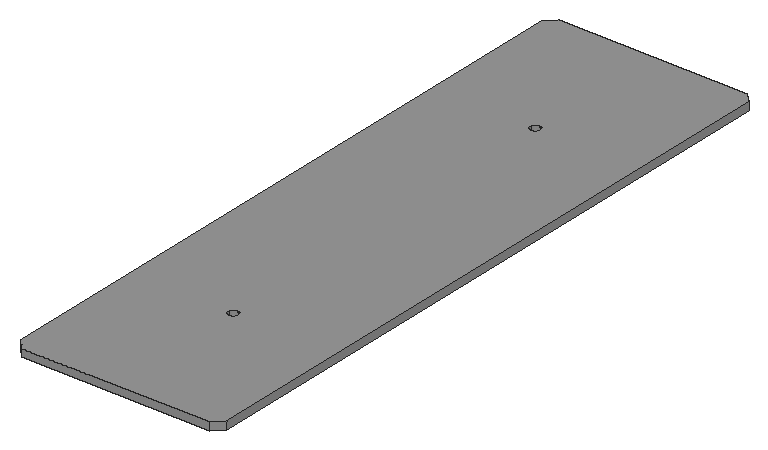
Revit family "ROTHOB_Rothoblaas_Plate_VGUPlateT", category Structural Connections, host Face, Revit 2020
Family settings
  Host = Face
  Material for Model Behavior = Steel
  OmniClass Number = 23.13.23.11.19.13
  OmniClass Title = Wood Connectors
  Enable cutting in views = Yes
  Cut with Voids When Loaded = No
  Shared = No
Parameters (values of type "VGUPLATET350_108x350mm")
  WarrantyStartDate [instance] = ""
  WarrantyGuarantorParts = "n/a"  # constant formula
  WarrantyGuarantorLabor = "n/a"  # constant formula
  WarrantyDurationUnit = "n/a"  # constant formula
  WarrantyDurationParts = "n/a"  # constant formula
  WarrantyDurationLabor = "n/a"  # constant formula
  WarrantyDescription = "n/a"  # constant formula
  Version = "2"  # constant formula
  UniClass2015Version = "Products v1.33"  # constant formula
  UniClass2015Title = "Carbon steel nailing plates"  # constant formula
  UniClass2015Code = "Pr_20_29_31_12"  # constant formula
  Tipo IFC predefinito = "USERDEFINED"  # constant formula
  Thickness_s = if(ModelNumberCode = 185, 3.00 mm, if(ModelNumberCode = 350, 4.00 mm, 0.00 mm))  # 4.00 mm
  SustainabilityPerformance = "n/a"  # constant formula
  Size_Imperial = "4 1/4x13 3/4 in"
  Size = "108x350 mm"
  Shape = "Two-dimensional "  # constant formula
  Revision = "1"  # constant formula
  ReplacementCost = "n/a"  # constant formula
  InstallationDate [instance] = ""
  Default Elevation = 1219.20 mm
  ProductInformation = "https://www.rothoblaas.com/products/fastening/brackets-and-plates/concealed-connections/vgu-plate-t"  # constant formula
  OmniClassVersion = "2012-05-16"  # constant formula
  OmniClassTitle = "Wood Connectors"  # constant formula
  OmniClassCode = "23-13 23 11 19 13"  # constant formula
  ObjectMaterial = ROTHOB_Rothoblaas_CarbonSteel_ZincPlated
  NominalWidth = Width_B  # 108.00 mm
  NominalHeight = "n/a"  # constant formula
  NominalLength = Length_L  # 350.00 mm
  ModelNumberCode = 350
  Length_L = if(ModelNumberCode = 185, 185.00 mm, if(ModelNumberCode = 350, 350.00 mm, 0.00 mm))  # 350.00 mm
  Name = "Plate"  # constant formula
  ModelReference = "n/a"  # constant formula
  ModelNumber = "VGUPLATET350"
  ModelDisclaimer = "The latest version of the data sheets can be found on our website"  # constant formula
  MinWeight = "1.31 kg"
  Material = "Carbon steel"  # constant formula
  ManufacturerURL = "www.rothoblaas.com"  # constant formula
  ManufacturerName = "ROTHO BLAAS SRL"  # constant formula
  Manufacturer = "info@rothoblaas.com"  # constant formula
  IfcExportType = "USERDEFINED"  # constant formula
  IfcExportAs = "IfcDiscreteAccessoryType"  # constant formula
  Width_B = if(ModelNumberCode = 185, 88.00 mm, if(ModelNumberCode = 350, 108.00 mm, 0.00 mm))  # 108.00 mm
  HoleDistance = if(ModelNumberCode = 185, 7.00 mm, if(ModelNumberCode = 350, 76.50 mm, 0.00 mm))  # 76.50 mm
  HasHole_VGUPLATET350 = ModelNumberCode = 350  # yes
  HasHole_VGUPLATET185 = ModelNumberCode = 185  # no
  Grade = "n/a"  # constant formula
  Finish = "Zinc plated"  # constant formula
  Features = "Perforated plates for structural use on timber support structure"  # constant formula
  ExpectedLife = "50"  # constant formula
  Esporta tipo in formato IFC con nome = "IfcDiscreteAccessoryType"  # constant formula
  DurationUnit = "Years"  # constant formula
  Description = "Plate for tensile load"  # constant formula
  Constituents = "n/a"  # constant formula
  Color = "Silver"  # constant formula
  CodePerformance = "CE - Construction products"  # constant formula
  Category = "Pr_20_29_31_12: Carbon steel nailing plates"  # constant formula
  CETitle = "n/a"  # constant formula
  CECode = "EN 14545"  # constant formula
  BIMObjectName = "ROTHOB_Rothoblaas_Plate_VGUPlateT"  # constant formula
  BBATitle = "n/a"  # constant formula
  BBACode = "BS EN 14545"  # constant formula
  Author = "Vitor Ferronato"  # constant formula
  AssetType = "n/a"  # constant formula
  AccessibilityPerformance = "n/a"  # constant formula
Types (3, lengths in mm): name | Thickness_s | Size_Imperial | Size | NominalWidth | NominalLength | ModelNumberCode | Length_L | ModelNumber | MinWeight | Width_B | HoleDistance | HasHole_VGUPLATET350 | HasHole_VGUPLATET185
  (no name) | 4.00 | "4 1/4x13 3/4 in" | "108x350 mm" | 108.00 | 350.00 | 350 | 350.00 | "VGUPLATET350" | "1.31 kg" | 108.00 | 76.50 | yes | no
  VGUPLATET185_088x185mm | 3.00 | "3 7/16x7 1/4 in" | "88x185 mm" | 88.00 | 185.00 | 185 | 185.00 | "VGUPLATET185" | "0.44 kg" | 88.00 | 7.00 | no | yes
  VGUPLATET350_108x350mm | 4.00 | "4 1/4x13 3/4 in" | "108x350 mm" | 108.00 | 350.00 | 350 | 350.00 | "VGUPLATET350" | "1.31 kg" | 108.00 | 76.50 | yes | no
Reference planes
  plane 1 "Centro (Fronte/Retro)": y = 0
  plane 2: z = 0
  plane 3 "Centro (Sinistra/Destra)": x = 0
  plane 4: x = -54
  plane 5: x = 54
  plane 6: y = 175
  plane 7: y = -175
  plane 8: z = 4
Forms (mm)
  Extrusion 1, solid, material "ROTHOB_Rothoblaas_CarbonSteel_ZincPlated" <- "ObjectMaterial", detail levels fine
    sketch origin (0, 0, 0) x (1, 0, 0) y (0, 1, 0)
      loop
        line (-49, 175) -> (-54, 170) -> (-54, -170) -> (-49, -175) -> (49, -175) -> (54, -170) -> (54, 170) -> (49, 175) -> (-49, 175)
      loop
        circle (0, -98.5) r 2.5
      loop
        circle (0, 98.5) r 2.5
    from 0 to 4
Lines and regions (mm)
  model lines, visible <- "HasHole_VGUPLATET185", detail levels medium+fine
    curve 1: arc (-30, -69.5, 4) -> (-23, -76.5, 4) -> (-16, -69.5, 4) r 7
    curve 2: line (-16, -69.5, 4) -> (-16, -50.5, 4)
    curve 3: arc (-16, -50.5, 4) -> (-23, -43.5, 4) -> (-30, -50.5, 4) r 7
    curve 4: line (-30, -50.5, 4) -> (-30, -69.5, 4)
    curve 5: line (16, -50.5, 4) -> (16, -69.5, 4)
    curve 6: arc (16, -69.5, 4) -> (23, -76.5, 4) -> (30, -69.5, 4) r 7
    curve 7: line (30, -69.5, 4) -> (30, -50.5, 4)
    curve 8: arc (30, -50.5, 4) -> (23, -43.5, 4) -> (16, -50.5, 4) r 7
    curve 9: arc (-30, 50.5, 4) -> (-23, 43.5, 4) -> (-16, 50.5, 4) r 7
    curve 10: line (-16, 50.5, 4) -> (-16, 69.5, 4)
    curve 11: arc (-16, 69.5, 4) -> (-23, 76.5, 4) -> (-30, 69.5, 4) r 7
    curve 12: line (-30, 69.5, 4) -> (-30, 50.5, 4)
    curve 13: line (16, 69.5, 4) -> (16, 50.5, 4)
    curve 14: arc (16, 50.5, 4) -> (23, 43.5, 4) -> (30, 50.5, 4) r 7
    curve 15: line (30, 50.5, 4) -> (30, 69.5, 4)
    curve 16: arc (30, 69.5, 4) -> (23, 76.5, 4) -> (16, 69.5, 4) r 7
  model lines, visible <- "HasHole_VGUPLATET185", not visible, detail levels medium+fine
    curve 17: arc (-30, -69.5, 3) -> (-23, -76.5, 3) -> (-16, -69.5, 3) r 7
    curve 18: line (-16, -69.5, 3) -> (-16, -50.5, 3)
    curve 19: arc (-16, -50.5, 3) -> (-23, -43.5, 3) -> (-30, -50.5, 3) r 7
    curve 20: line (-30, -50.5, 3) -> (-30, -69.5, 3)
    curve 21: line (16, -50.5, 3) -> (16, -69.5, 3)
    curve 22: arc (16, -69.5, 3) -> (23, -76.5, 3) -> (30, -69.5, 3) r 7
    curve 23: line (30, -69.5, 3) -> (30, -50.5, 3)
    curve 24: arc (30, -50.5, 3) -> (23, -43.5, 3) -> (16, -50.5, 3) r 7
    curve 25: arc (-30, 50.5, 3) -> (-23, 43.5, 3) -> (-16, 50.5, 3) r 7
    curve 26: line (-16, 50.5, 3) -> (-16, 69.5, 3)
    curve 27: arc (-16, 69.5, 3) -> (-23, 76.5, 3) -> (-30, 69.5, 3) r 7
    curve 28: line (-30, 69.5, 3) -> (-30, 50.5, 3)
    curve 29: line (16, 69.5, 3) -> (16, 50.5, 3)
    curve 30: arc (16, 50.5, 3) -> (23, 43.5, 3) -> (30, 50.5, 3) r 7
    curve 31: line (30, 50.5, 3) -> (30, 69.5, 3)
    curve 32: arc (30, 69.5, 3) -> (23, 76.5, 3) -> (16, 69.5, 3) r 7
  model lines, visible <- "HasHole_VGUPLATET350", detail levels medium+fine
    curve 33: line (-19, 125.5, 4) -> (-19, 149.5, 4)
    curve 34: arc (-19, 149.5, 4) -> (-27.5, 158, 4) -> (-36, 149.5, 4) r 8.5
    curve 35: line (-36, 149.5, 4) -> (-36, 125.5, 4)
    curve 36: arc (-36, 125.5, 4) -> (-27.5, 117, 4) -> (-19, 125.5, 4) r 8.5
    curve 37: line (19, 149.5, 4) -> (19, 125.5, 4)
    curve 38: arc (19, 125.5, 4) -> (27.5, 117, 4) -> (36, 125.5, 4) r 8.5
    curve 39: line (36, 125.5, 4) -> (36, 149.5, 4)
    curve 40: arc (36, 149.5, 4) -> (27.5, 158, 4) -> (19, 149.5, 4) r 8.5
    curve 41: arc (36, 71.5, 4) -> (27.5, 80, 4) -> (19, 71.5, 4) r 8.5
    curve 42: line (19, 71.5, 4) -> (19, 47.5, 4)
    curve 43: arc (19, 47.5, 4) -> (27.5, 39, 4) -> (36, 47.5, 4) r 8.5
    curve 44: line (36, 47.5, 4) -> (36, 71.5, 4)
    curve 45: line (-19, 47.5, 4) -> (-19, 71.5, 4)
    curve 46: arc (-19, 71.5, 4) -> (-27.5, 80, 4) -> (-36, 71.5, 4) r 8.5
    curve 47: line (-36, 71.5, 4) -> (-36, 47.5, 4)
    curve 48: arc (-36, 47.5, 4) -> (-27.5, 39, 4) -> (-19, 47.5, 4) r 8.5
    curve 49: arc (36, -47.5, 4) -> (27.5, -39, 4) -> (19, -47.5, 4) r 8.5
    curve 50: line (19, -47.5, 4) -> (19, -71.5, 4)
    curve 51: arc (19, -71.5, 4) -> (27.5, -80, 4) -> (36, -71.5, 4) r 8.5
    curve 52: line (36, -71.5, 4) -> (36, -47.5, 4)
    curve 53: line (-19, -71.5, 4) -> (-19, -47.5, 4)
    curve 54: arc (-19, -47.5, 4) -> (-27.5, -39, 4) -> (-36, -47.5, 4) r 8.5
    curve 55: line (-36, -47.5, 4) -> (-36, -71.5, 4)
    curve 56: arc (-36, -71.5, 4) -> (-27.5, -80, 4) -> (-19, -71.5, 4) r 8.5
    curve 57: arc (-19, -125.5, 4) -> (-27.5, -117, 4) -> (-36, -125.5, 4) r 8.5
    curve 58: line (-36, -125.5, 4) -> (-36, -149.5, 4)
    curve 59: arc (-36, -149.5, 4) -> (-27.5, -158, 4) -> (-19, -149.5, 4) r 8.5
    curve 60: line (-19, -149.5, 4) -> (-19, -125.5, 4)
    curve 61: arc (36, -125.5, 4) -> (27.5, -117, 4) -> (19, -125.5, 4) r 8.5
    curve 62: line (19, -125.5, 4) -> (19, -149.5, 4)
    curve 63: arc (19, -149.5, 4) -> (27.5, -158, 4) -> (36, -149.5, 4) r 8.5
    curve 64: line (36, -149.5, 4) -> (36, -125.5, 4)
  model lines, visible <- "HasHole_VGUPLATET350", not visible, detail levels medium+fine
    curve 65: line (-19, 125.5, 3) -> (-19, 149.5, 3)
    curve 66: arc (-19, 149.5, 3) -> (-27.5, 158, 3) -> (-36, 149.5, 3) r 8.5
    curve 67: line (-36, 149.5, 3) -> (-36, 125.5, 3)
    curve 68: arc (-36, 125.5, 3) -> (-27.5, 117, 3) -> (-19, 125.5, 3) r 8.5
    curve 69: line (19, 149.5, 3) -> (19, 125.5, 3)
    curve 70: arc (19, 125.5, 3) -> (27.5, 117, 3) -> (36, 125.5, 3) r 8.5
    curve 71: line (36, 125.5, 3) -> (36, 149.5, 3)
    curve 72: arc (36, 149.5, 3) -> (27.5, 158, 3) -> (19, 149.5, 3) r 8.5
    curve 73: arc (36, 71.5, 3) -> (27.5, 80, 3) -> (19, 71.5, 3) r 8.5
    curve 74: line (19, 71.5, 3) -> (19, 47.5, 3)
    curve 75: arc (19, 47.5, 3) -> (27.5, 39, 3) -> (36, 47.5, 3) r 8.5
    curve 76: line (36, 47.5, 3) -> (36, 71.5, 3)
    curve 77: line (-19, 47.5, 3) -> (-19, 71.5, 3)
    curve 78: arc (-19, 71.5, 3) -> (-27.5, 80, 3) -> (-36, 71.5, 3) r 8.5
    curve 79: line (-36, 71.5, 3) -> (-36, 47.5, 3)
    curve 80: arc (-36, 47.5, 3) -> (-27.5, 39, 3) -> (-19, 47.5, 3) r 8.5
    curve 81: arc (36, -47.5, 3) -> (27.5, -39, 3) -> (19, -47.5, 3) r 8.5
    curve 82: line (19, -47.5, 3) -> (19, -71.5, 3)
    curve 83: arc (19, -71.5, 3) -> (27.5, -80, 3) -> (36, -71.5, 3) r 8.5
    curve 84: line (36, -71.5, 3) -> (36, -47.5, 3)
    curve 85: line (-19, -71.5, 3) -> (-19, -47.5, 3)
    curve 86: arc (-19, -47.5, 3) -> (-27.5, -39, 3) -> (-36, -47.5, 3) r 8.5
    curve 87: line (-36, -47.5, 3) -> (-36, -71.5, 3)
    curve 88: arc (-36, -71.5, 3) -> (-27.5, -80, 3) -> (-19, -71.5, 3) r 8.5
    curve 89: arc (-19, -125.5, 3) -> (-27.5, -117, 3) -> (-36, -125.5, 3) r 8.5
    curve 90: line (-36, -125.5, 3) -> (-36, -149.5, 3)
    curve 91: arc (-36, -149.5, 3) -> (-27.5, -158, 3) -> (-19, -149.5, 3) r 8.5
    curve 92: line (-19, -149.5, 3) -> (-19, -125.5, 3)
    curve 93: arc (36, -125.5, 3) -> (27.5, -117, 3) -> (19, -125.5, 3) r 8.5
    curve 94: line (19, -125.5, 3) -> (19, -149.5, 3)
    curve 95: arc (19, -149.5, 3) -> (27.5, -158, 3) -> (36, -149.5, 3) r 8.5
    curve 96: line (36, -149.5, 3) -> (36, -125.5, 3)
  model lines, detail levels coarse+medium
    curve 97: line (49, -175, 0) -> (-49, -175, 0)
    curve 98: line (-49, -175, 0) -> (-54, -170, 0)
    curve 99: line (-54, -170, 0) -> (-54, 170, 0)
    curve 100: line (-54, 170, 0) -> (-49, 175, 0)
    curve 101: line (-49, 175, 0) -> (49, 175, 0)
    curve 102: line (49, 175, 0) -> (54, 170, 0)
    curve 103: line (54, 170, 0) -> (54, -170, 0)
    curve 104: line (54, -170, 0) -> (49, -175, 0)
    curve 117: arc (-2.5, -98.5, 0) -> (0, -101, 0) -> (2.5, -98.5, 0) r 2.5
    curve 118: arc (2.5, -98.5, 0) -> (0, -96, 0) -> (-2.5, -98.5, 0) r 2.5
    curve 119: arc (-2.5, 98.5, 0) -> (0, 96, 0) -> (2.5, 98.5, 0) r 2.5
    curve 120: arc (2.5, 98.5, 0) -> (0, 101, 0) -> (-2.5, 98.5, 0) r 2.5
  model lines, detail levels medium
    curve 105: line (-49, -175, 4) -> (49, -175, 4)
    curve 106: line (49, -175, 4) -> (54, -170, 4)
    curve 107: line (54, -170, 4) -> (54, 170, 4)
    curve 108: line (54, 170, 4) -> (49, 175, 4)
    curve 109: line (49, 175, 4) -> (-49, 175, 4)
    curve 110: line (-49, 175, 4) -> (-54, 170, 4)
    curve 111: line (-54, 170, 4) -> (-54, -170, 4)
    curve 112: line (-54, -170, 4) -> (-49, -175, 4)
    curve 113: arc (2.5, -98.5, 4) -> (0, -101, 4) -> (-2.5, -98.5, 4) r 2.5
    curve 114: arc (-2.5, -98.5, 4) -> (0, -96, 4) -> (2.5, -98.5, 4) r 2.5
    curve 115: arc (2.5, 98.5, 4) -> (0, 96, 4) -> (-2.5, 98.5, 4) r 2.5
    curve 116: arc (-2.5, 98.5, 4) -> (0, 101, 4) -> (2.5, 98.5, 4) r 2.5
    curve 121: line (49, -175, 0) -> (49, -175, 4)
    curve 122: line (54, -170, 4) -> (54, -170, 0)
    curve 123: line (49, 175, 4) -> (49, 175, 0)
    curve 124: line (54, 170, 0) -> (54, 170, 4)
    curve 125: line (-49, 175, 0) -> (-49, 175, 4)
    curve 126: line (-54, 170, 4) -> (-54, 170, 0)
    curve 127: line (-54, -170, 0) -> (-54, -170, 4)
    curve 128: line (-49, -175, 4) -> (-49, -175, 0)
  model lines, visible <- "HasHole_VGUPLATET185"
    curve 129: arc (-30, -69.5, 0) -> (-23, -76.5, 0) -> (-16, -69.5, 0) r 7
    curve 130: line (-16, -69.5, 0) -> (-16, -50.5, 0)
    curve 131: arc (-16, -50.5, 0) -> (-23, -43.5, 0) -> (-30, -50.5, 0) r 7
    curve 132: line (-30, -50.5, 0) -> (-30, -69.5, 0)
    curve 133: line (16, -50.5, 0) -> (16, -69.5, 0)
    curve 134: arc (16, -69.5, 0) -> (23, -76.5, 0) -> (30, -69.5, 0) r 7
    curve 135: line (30, -69.5, 0) -> (30, -50.5, 0)
    curve 136: arc (30, -50.5, 0) -> (23, -43.5, 0) -> (16, -50.5, 0) r 7
    curve 137: arc (-30, 50.5, 0) -> (-23, 43.5, 0) -> (-16, 50.5, 0) r 7
    curve 138: line (-16, 50.5, 0) -> (-16, 69.5, 0)
    curve 139: arc (-16, 69.5, 0) -> (-23, 76.5, 0) -> (-30, 69.5, 0) r 7
    curve 140: line (-30, 69.5, 0) -> (-30, 50.5, 0)
    curve 141: line (16, 69.5, 0) -> (16, 50.5, 0)
    curve 142: arc (16, 50.5, 0) -> (23, 43.5, 0) -> (30, 50.5, 0) r 7
    curve 143: line (30, 50.5, 0) -> (30, 69.5, 0)
    curve 144: arc (30, 69.5, 0) -> (23, 76.5, 0) -> (16, 69.5, 0) r 7
  model lines, visible <- "HasHole_VGUPLATET185", not visible
    curve 145: arc (-30, -69.5, 0) -> (-23, -76.5, 0) -> (-16, -69.5, 0) r 7
    curve 146: line (-16, -69.5, 0) -> (-16, -50.5, 0)
    curve 147: arc (-16, -50.5, 0) -> (-23, -43.5, 0) -> (-30, -50.5, 0) r 7
    curve 148: line (-30, -50.5, 0) -> (-30, -69.5, 0)
    curve 149: line (16, -50.5, 0) -> (16, -69.5, 0)
    curve 150: arc (16, -69.5, 0) -> (23, -76.5, 0) -> (30, -69.5, 0) r 7
    curve 151: line (30, -69.5, 0) -> (30, -50.5, 0)
    curve 152: arc (30, -50.5, 0) -> (23, -43.5, 0) -> (16, -50.5, 0) r 7
    curve 153: arc (-30, 50.5, 0) -> (-23, 43.5, 0) -> (-16, 50.5, 0) r 7
    curve 154: line (-16, 50.5, 0) -> (-16, 69.5, 0)
    curve 155: arc (-16, 69.5, 0) -> (-23, 76.5, 0) -> (-30, 69.5, 0) r 7
    curve 156: line (-30, 69.5, 0) -> (-30, 50.5, 0)
    curve 157: line (16, 69.5, 0) -> (16, 50.5, 0)
    curve 158: arc (16, 50.5, 0) -> (23, 43.5, 0) -> (30, 50.5, 0) r 7
    curve 159: line (30, 50.5, 0) -> (30, 69.5, 0)
    curve 160: arc (30, 69.5, 0) -> (23, 76.5, 0) -> (16, 69.5, 0) r 7
  model lines, visible <- "HasHole_VGUPLATET350"
    curve 161: line (-19, 125.5, 0) -> (-19, 149.5, 0)
    curve 162: arc (-19, 149.5, 0) -> (-27.5, 158, 0) -> (-36, 149.5, 0) r 8.5
    curve 163: line (-36, 149.5, 0) -> (-36, 125.5, 0)
    curve 164: arc (-36, 125.5, 0) -> (-27.5, 117, 0) -> (-19, 125.5, 0) r 8.5
    curve 165: line (19, 149.5, 0) -> (19, 125.5, 0)
    curve 166: arc (19, 125.5, 0) -> (27.5, 117, 0) -> (36, 125.5, 0) r 8.5
    curve 167: line (36, 125.5, 0) -> (36, 149.5, 0)
    curve 168: arc (36, 149.5, 0) -> (27.5, 158, 0) -> (19, 149.5, 0) r 8.5
    curve 169: arc (36, 71.5, 0) -> (27.5, 80, 0) -> (19, 71.5, 0) r 8.5
    curve 170: line (19, 71.5, 0) -> (19, 47.5, 0)
    curve 171: arc (19, 47.5, 0) -> (27.5, 39, 0) -> (36, 47.5, 0) r 8.5
    curve 172: line (36, 47.5, 0) -> (36, 71.5, 0)
    curve 173: line (-19, 47.5, 0) -> (-19, 71.5, 0)
    curve 174: arc (-19, 71.5, 0) -> (-27.5, 80, 0) -> (-36, 71.5, 0) r 8.5
    curve 175: line (-36, 71.5, 0) -> (-36, 47.5, 0)
    curve 176: arc (-36, 47.5, 0) -> (-27.5, 39, 0) -> (-19, 47.5, 0) r 8.5
    curve 177: arc (36, -47.5, 0) -> (27.5, -39, 0) -> (19, -47.5, 0) r 8.5
    curve 178: line (19, -47.5, 0) -> (19, -71.5, 0)
    curve 179: arc (19, -71.5, 0) -> (27.5, -80, 0) -> (36, -71.5, 0) r 8.5
    curve 180: line (36, -71.5, 0) -> (36, -47.5, 0)
    curve 181: line (-19, -71.5, 0) -> (-19, -47.5, 0)
    curve 182: arc (-19, -47.5, 0) -> (-27.5, -39, 0) -> (-36, -47.5, 0) r 8.5
    curve 183: line (-36, -47.5, 0) -> (-36, -71.5, 0)
    curve 184: arc (-36, -71.5, 0) -> (-27.5, -80, 0) -> (-19, -71.5, 0) r 8.5
    curve 185: arc (-19, -125.5, 0) -> (-27.5, -117, 0) -> (-36, -125.5, 0) r 8.5
    curve 186: line (-36, -125.5, 0) -> (-36, -149.5, 0)
    curve 187: arc (-36, -149.5, 0) -> (-27.5, -158, 0) -> (-19, -149.5, 0) r 8.5
    curve 188: line (-19, -149.5, 0) -> (-19, -125.5, 0)
    curve 189: arc (36, -125.5, 0) -> (27.5, -117, 0) -> (19, -125.5, 0) r 8.5
    curve 190: line (19, -125.5, 0) -> (19, -149.5, 0)
    curve 191: arc (19, -149.5, 0) -> (27.5, -158, 0) -> (36, -149.5, 0) r 8.5
    curve 192: line (36, -149.5, 0) -> (36, -125.5, 0)
  model lines, visible <- "HasHole_VGUPLATET350", not visible
    curve 193: line (-19, 125.5, 0) -> (-19, 149.5, 0)
    curve 194: arc (-19, 149.5, 0) -> (-27.5, 158, 0) -> (-36, 149.5, 0) r 8.5
    curve 195: line (-36, 149.5, 0) -> (-36, 125.5, 0)
    curve 196: arc (-36, 125.5, 0) -> (-27.5, 117, 0) -> (-19, 125.5, 0) r 8.5
    curve 197: line (19, 149.5, 0) -> (19, 125.5, 0)
    curve 198: arc (19, 125.5, 0) -> (27.5, 117, 0) -> (36, 125.5, 0) r 8.5
    curve 199: line (36, 125.5, 0) -> (36, 149.5, 0)
    curve 200: arc (36, 149.5, 0) -> (27.5, 158, 0) -> (19, 149.5, 0) r 8.5
    curve 201: arc (36, 71.5, 0) -> (27.5, 80, 0) -> (19, 71.5, 0) r 8.5
    curve 202: line (19, 71.5, 0) -> (19, 47.5, 0)
    curve 203: arc (19, 47.5, 0) -> (27.5, 39, 0) -> (36, 47.5, 0) r 8.5
    curve 204: line (36, 47.5, 0) -> (36, 71.5, 0)
    curve 205: line (-19, 47.5, 0) -> (-19, 71.5, 0)
    curve 206: arc (-19, 71.5, 0) -> (-27.5, 80, 0) -> (-36, 71.5, 0) r 8.5
    curve 207: line (-36, 71.5, 0) -> (-36, 47.5, 0)
    curve 208: arc (-36, 47.5, 0) -> (-27.5, 39, 0) -> (-19, 47.5, 0) r 8.5
    curve 209: arc (36, -47.5, 0) -> (27.5, -39, 0) -> (19, -47.5, 0) r 8.5
    curve 210: line (19, -47.5, 0) -> (19, -71.5, 0)
    curve 211: arc (19, -71.5, 0) -> (27.5, -80, 0) -> (36, -71.5, 0) r 8.5
    curve 212: line (36, -71.5, 0) -> (36, -47.5, 0)
    curve 213: line (-19, -71.5, 0) -> (-19, -47.5, 0)
    curve 214: arc (-19, -47.5, 0) -> (-27.5, -39, 0) -> (-36, -47.5, 0) r 8.5
    curve 215: line (-36, -47.5, 0) -> (-36, -71.5, 0)
    curve 216: arc (-36, -71.5, 0) -> (-27.5, -80, 0) -> (-19, -71.5, 0) r 8.5
    curve 217: arc (-19, -125.5, 0) -> (-27.5, -117, 0) -> (-36, -125.5, 0) r 8.5
    curve 218: line (-36, -125.5, 0) -> (-36, -149.5, 0)
    curve 219: arc (-36, -149.5, 0) -> (-27.5, -158, 0) -> (-19, -149.5, 0) r 8.5
    curve 220: line (-19, -149.5, 0) -> (-19, -125.5, 0)
    curve 221: arc (36, -125.5, 0) -> (27.5, -117, 0) -> (19, -125.5, 0) r 8.5
    curve 222: line (19, -125.5, 0) -> (19, -149.5, 0)
    curve 223: arc (19, -149.5, 0) -> (27.5, -158, 0) -> (36, -149.5, 0) r 8.5
    curve 224: line (36, -149.5, 0) -> (36, -125.5, 0)
Dimensions and locks
  equal spacing: host sketch curve, plane 3 "Centro (Sinistra/Destra)", host sketch curve
  host sketch curve to host sketch curve = 120.00 mm
  equal spacing: host sketch curve, plane 1 "Centro (Fronte/Retro)", host sketch curve
  host sketch curve to host sketch curve = 360.00 mm
  equal spacing: plane 4, plane 3 "Centro (Sinistra/Destra)", plane 5
  "Width_B": plane 4 to plane 5
  equal spacing: plane 6, plane 1 "Centro (Fronte/Retro)", plane 7
  "Length_L": plane 6 to plane 7
  "Thickness_s": plane 8 to plane 2
  "HoleDistance": plane 7 to Extrusion 1 sketch curve
  "HoleDistance": plane 6 to Extrusion 1 sketch curve
  equal spacing: plane 4, Extrusion 1 sketch curve, plane 5  (x2)
  aligned and locked: plane 2 to host face
  aligned and locked: level to host face
  aligned and locked: plane 4 to Extrusion 1 sketch curve
  aligned and locked: plane 5 to Extrusion 1 sketch curve
  aligned and locked: Extrusion 1 sketch curve to plane 6
  aligned and locked: Extrusion 1 sketch curve to plane 7
  aligned and locked: plane 8 to Extrusion 1
  aligned and locked: curve 113 to Extrusion 1
  aligned and locked: curve 114 to Extrusion 1
  aligned and locked: curve 115 to Extrusion 1
  aligned and locked: curve 116 to Extrusion 1
  aligned and locked: curve 117 to Extrusion 1
  aligned and locked: curve 118 to Extrusion 1
  aligned and locked: curve 119 to Extrusion 1
  aligned and locked: curve 120 to Extrusion 1
  aligned and locked: curve 121 to Extrusion 1
  aligned and locked: curve 122 to Extrusion 1
  aligned and locked: curve 123 to Extrusion 1
  aligned and locked: curve 124 to Extrusion 1
  aligned and locked: curve 125 to Extrusion 1
  aligned and locked: curve 126 to Extrusion 1
  aligned and locked: curve 127 to Extrusion 1
  aligned and locked: curve 128 to Extrusion 1
Automatic sketch dimensions
  plane 4 to Extrusion 1 sketch curve = 5.00 mm
  Extrusion 1 sketch curve to plane 6 = 5.00 mm  (x2)
  plane 5 to Extrusion 1 sketch curve = 5.00 mm
  Extrusion 1 sketch curve to plane 7 = 5.00 mm  (x2)
  Extrusion 1 sketch curve to Extrusion 1 sketch curve = 5.00 mm  (x2)
  curve 4 to curve 9 = 0.00 mm
  curve 3 to curve 3 = 7.00 mm
  curve 11 to curve 11 = 7.00 mm
  curve 2 to curve 5 = 32.00 mm
  curve 10 to curve 13 = 32.00 mm
  curve 5 to curve 6 = 7.00 mm
  curve 13 to curve 16 = 7.00 mm
  curve 1 to curve 6 = 0.00 mm
  curve 1 to curve 3 = 19.00 mm
  curve 5 to curve 5 = 19.00 mm
  curve 3 to curve 9 = 101.00 mm
  curve 9 to curve 15 = 0.00 mm
  curve 13 to curve 13 = 19.00 mm
  curve 9 to curve 12 = 19.00 mm
  curve 132 to curve 140 = 0.00 mm
  curve 131 to curve 131 = 7.00 mm
  curve 139 to curve 139 = 7.00 mm
  curve 130 to curve 133 = 32.00 mm
  curve 138 to curve 141 = 32.00 mm
  curve 133 to curve 134 = 7.00 mm
  curve 141 to curve 144 = 7.00 mm
  curve 129 to curve 134 = 0.00 mm
  curve 129 to curve 131 = 19.00 mm
  curve 134 to curve 133 = 19.00 mm
  curve 131 to curve 137 = 101.00 mm
  curve 137 to curve 143 = 0.00 mm
  curve 142 to curve 141 = 19.00 mm
  curve 137 to curve 140 = 19.00 mm
  curve 20 to curve 25 = 0.00 mm
  curve 19 to curve 19 = 7.00 mm
  curve 27 to curve 27 = 7.00 mm
  curve 18 to curve 21 = 32.00 mm
  curve 26 to curve 29 = 32.00 mm
  curve 21 to curve 22 = 7.00 mm
  curve 29 to curve 32 = 7.00 mm
  curve 17 to curve 22 = 0.00 mm
  curve 17 to curve 19 = 19.00 mm
  curve 21 to curve 21 = 19.00 mm
  curve 19 to curve 25 = 101.00 mm
  curve 25 to curve 31 = 0.00 mm
  curve 29 to curve 29 = 19.00 mm
  curve 25 to curve 28 = 19.00 mm
  curve 148 to curve 156 = 0.00 mm
  curve 147 to curve 147 = 7.00 mm
  curve 155 to curve 155 = 7.00 mm
  curve 146 to curve 149 = 32.00 mm
  curve 154 to curve 157 = 32.00 mm
  curve 149 to curve 150 = 7.00 mm
  curve 157 to curve 160 = 7.00 mm
  curve 145 to curve 150 = 0.00 mm
  curve 145 to curve 147 = 19.00 mm
  curve 150 to curve 149 = 19.00 mm
  curve 147 to curve 153 = 101.00 mm
  curve 153 to curve 159 = 0.00 mm
  curve 158 to curve 157 = 19.00 mm
  curve 153 to curve 156 = 19.00 mm
  curve 110 to Extrusion 1 = 0.00 mm  (x4)
  Extrusion 1 to curve 105 = 0.00 mm
  curve 105 to Extrusion 1 = 0.00 mm
  curve 106 to Extrusion 1 = 0.00 mm
  curve 109 to Extrusion 1 = 0.00 mm
  curve 108 to Extrusion 1 = 0.00 mm  (x2)
  Extrusion 1 to curve 107 = 0.00 mm
  curve 112 to Extrusion 1 = 0.00 mm
  curve 47 to curve 57 = 0.00 mm
  curve 35 to curve 46 = 0.00 mm
  curve 55 to curve 57 = 0.00 mm
  curve 55 to curve 56 = 8.50 mm
  curve 35 to curve 36 = 8.50 mm
  curve 47 to curve 48 = 8.50 mm
  curve 58 to curve 57 = 8.50 mm
  curve 53 to curve 50 = 38.00 mm
  curve 33 to curve 37 = 38.00 mm
  curve 60 to curve 62 = 38.00 mm
  curve 45 to curve 42 = 38.00 mm
  curve 62 to curve 63 = 8.50 mm
  curve 40 to curve 40 = 8.50 mm
  curve 50 to curve 51 = 8.50 mm
  curve 41 to curve 41 = 8.50 mm
  curve 60 to curve 64 = 0.00 mm
  curve 63 to curve 61 = 24.00 mm
  curve 59 to curve 60 = 24.00 mm
  curve 57 to curve 56 = 54.00 mm
  curve 53 to curve 51 = 0.00 mm
  curve 56 to curve 54 = 24.00 mm
  curve 51 to curve 52 = 24.00 mm
  curve 54 to curve 48 = 95.00 mm
  curve 45 to curve 43 = 0.00 mm
  curve 48 to curve 46 = 24.00 mm
  curve 43 to curve 44 = 24.00 mm
  curve 45 to curve 33 = 54.00 mm
  curve 41 to curve 39 = 54.00 mm
  curve 37 to curve 37 = 24.00 mm
  curve 35 to curve 35 = 24.00 mm
  curve 100 to plane 4 = 0.00 mm
  curve 101 to plane 6 = 0.00 mm
  plane 7 to curve 98 = 0.00 mm
  curve 103 to plane 5 = 0.00 mm
  plane 4 to curve 101 = 5.00 mm
  plane 4 to curve 98 = 5.00 mm
  plane 5 to curve 101 = 5.00 mm
  plane 5 to curve 97 = 5.00 mm
  curve 99 to plane 7 = 5.00 mm
  curve 104 to plane 7 = 5.00 mm
  curve 100 to plane 6 = 5.00 mm
  curve 102 to plane 6 = 5.00 mm
  curve 121 to Extrusion 1 = 0.00 mm  (x2)
  Extrusion 1 to curve 122 = 0.00 mm
  curve 122 to Extrusion 1 = 0.00 mm
  curve 124 to Extrusion 1 = 0.00 mm
  curve 123 to Extrusion 1 = 0.00 mm  (x2)
  Extrusion 1 to curve 124 = 0.00 mm
  curve 125 to Extrusion 1 = 0.00 mm
  curve 126 to Extrusion 1 = 0.00 mm  (x2)
  Extrusion 1 to curve 125 = 0.00 mm
  curve 127 to Extrusion 1 = 0.00 mm  (x2)
  Extrusion 1 to curve 128 = 0.00 mm
  curve 128 to Extrusion 1 = 0.00 mm
  curve 175 to curve 185 = 0.00 mm
  curve 163 to curve 174 = 0.00 mm
  curve 183 to curve 185 = 0.00 mm
  curve 183 to curve 184 = 8.50 mm
  curve 163 to curve 164 = 8.50 mm
  curve 175 to curve 176 = 8.50 mm
  curve 186 to curve 185 = 8.50 mm
  curve 181 to curve 178 = 38.00 mm
  curve 161 to curve 165 = 38.00 mm
  curve 188 to curve 190 = 38.00 mm
  curve 173 to curve 170 = 38.00 mm
  curve 190 to curve 191 = 8.50 mm
  curve 168 to curve 168 = 8.50 mm
  curve 178 to curve 179 = 8.50 mm
  curve 169 to curve 169 = 8.50 mm
  curve 188 to curve 192 = 0.00 mm
  curve 191 to curve 189 = 24.00 mm
  curve 188 to curve 188 = 24.00 mm
  curve 185 to curve 184 = 54.00 mm
  curve 181 to curve 179 = 0.00 mm
  curve 184 to curve 182 = 24.00 mm
  curve 180 to curve 180 = 24.00 mm
  curve 182 to curve 176 = 95.00 mm
  curve 173 to curve 171 = 0.00 mm
  curve 176 to curve 174 = 24.00 mm
  curve 172 to curve 172 = 24.00 mm
  curve 173 to curve 161 = 54.00 mm
  curve 172 to curve 167 = 54.00 mm
  curve 166 to curve 165 = 24.00 mm
  curve 164 to curve 163 = 24.00 mm
  curve 79 to curve 89 = 0.00 mm
  curve 67 to curve 78 = 0.00 mm
  curve 87 to curve 89 = 0.00 mm
  curve 87 to curve 88 = 8.50 mm
  curve 67 to curve 68 = 8.50 mm
  curve 79 to curve 80 = 8.50 mm
  curve 90 to curve 89 = 8.50 mm
  curve 85 to curve 82 = 38.00 mm
  curve 65 to curve 69 = 38.00 mm
  curve 92 to curve 94 = 38.00 mm
  curve 77 to curve 74 = 38.00 mm
  curve 94 to curve 95 = 8.50 mm
  curve 72 to curve 72 = 8.50 mm
  curve 82 to curve 83 = 8.50 mm
  curve 73 to curve 73 = 8.50 mm
  curve 92 to curve 96 = 0.00 mm
  curve 95 to curve 93 = 24.00 mm
  curve 91 to curve 92 = 24.00 mm
  curve 89 to curve 88 = 54.00 mm
  curve 85 to curve 83 = 0.00 mm
  curve 88 to curve 86 = 24.00 mm
  curve 83 to curve 84 = 24.00 mm
  curve 86 to curve 80 = 95.00 mm
  curve 77 to curve 75 = 0.00 mm
  curve 80 to curve 78 = 24.00 mm
  curve 75 to curve 76 = 24.00 mm
  curve 77 to curve 65 = 54.00 mm
  curve 73 to curve 71 = 54.00 mm
  curve 69 to curve 69 = 24.00 mm
  curve 67 to curve 67 = 24.00 mm
  curve 207 to curve 217 = 0.00 mm
  curve 195 to curve 206 = 0.00 mm
  curve 215 to curve 217 = 0.00 mm
  curve 215 to curve 216 = 8.50 mm
  curve 195 to curve 196 = 8.50 mm
  curve 207 to curve 208 = 8.50 mm
  curve 218 to curve 217 = 8.50 mm
  curve 213 to curve 210 = 38.00 mm
  curve 193 to curve 197 = 38.00 mm
  curve 220 to curve 222 = 38.00 mm
  curve 205 to curve 202 = 38.00 mm
  curve 222 to curve 223 = 8.50 mm
  curve 200 to curve 200 = 8.50 mm
  curve 210 to curve 211 = 8.50 mm
  curve 201 to curve 201 = 8.50 mm
  curve 220 to curve 224 = 0.00 mm
  curve 223 to curve 221 = 24.00 mm
  curve 220 to curve 220 = 24.00 mm
  curve 217 to curve 216 = 54.00 mm
  curve 213 to curve 211 = 0.00 mm
  curve 216 to curve 214 = 24.00 mm
  curve 212 to curve 212 = 24.00 mm
  curve 214 to curve 208 = 95.00 mm
  curve 205 to curve 203 = 0.00 mm
  curve 208 to curve 206 = 24.00 mm
  curve 204 to curve 204 = 24.00 mm
  curve 205 to curve 193 = 54.00 mm
  curve 204 to curve 199 = 54.00 mm
  curve 198 to curve 197 = 24.00 mm
  curve 196 to curve 195 = 24.00 mm
  radius of Extrusion 1 sketch curve = 2.50 mm  (x2)
